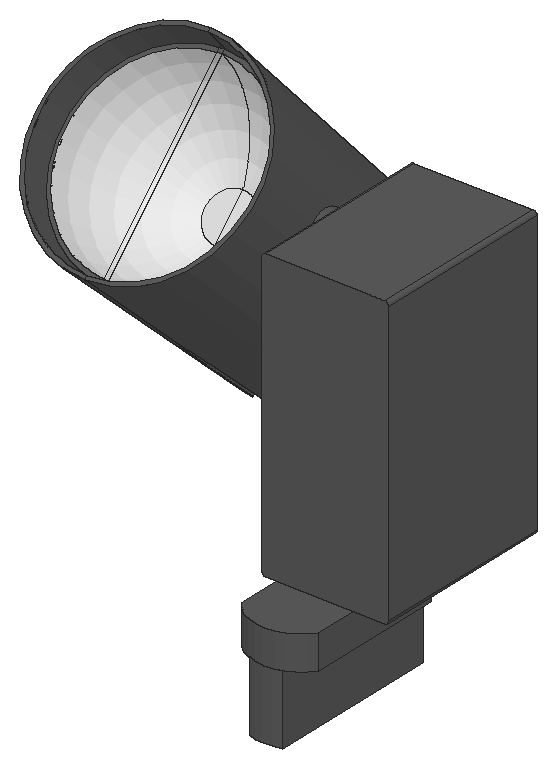
Revit family "0004839 Feilo Sylvania Lighting Fixture START TRACK SPOT S 24W 3K RA80 MB BLACK", category Lighting Fixtures, host Face, Revit 2017
Family settings
  Host = Face
  Round Connector Dimension = Use Diameter
  Part Type = Normal
  OmniClass Number = 23.80.70.00
  OmniClass Title = Lighting
  Cut with Voids When Loaded = No
  Light Source = No
  Shared = No
  Room Calculation Point = No
Parameters (values of type "0004839 START TRACK SPOT S 24W 3K RA80 MB BLACK")
  Weight = "0.966 kg"
  Wattage Comments = ""
  WarrantyStartDate [instance] = "n/a"
  WarrantyGuarantorParts = "n/a"
  WarrantyDurationUnit = "n/a"
  WarrantyDurationParts = "n/a"
  WarrantyDescription = "n/a"
  Voltage = 230 V
  URL = "http://www.sylvania-lighting.com"
  TypeName = "START TRACK SPOT S 24W 3K RA80 MB BLACK"
  TypeHead_FEILO = Start Track Spot Head : 0004839 START TRACK SPOT S 24W 3K RA80 MB BLACK
  TypeBox_FEILO = Start Track Spot Box : Type Small Black
  Type Image = <None>
  Type Comments = "n/a"
  VerticalRotation_FEILO [instance] = 0.00°
  SlideEndAngle_FEILO [instance] = VerticalRotation_FEILO + 180.00°  # 180.00°
  SerialNumber [instance] = "n/a"
  Material_3_FEILO = none
  PowerFactor = 0.95
  PowerConsumption = "24 W"
  NominalLength = 0 mm
  NominalHeight = 200 mm
  NominalDepth = 140 mm
  Name = "START TRACK SPOT S 24W 3K RA80 MB BLACK"
  ModelReference = Name  # "START TRACK SPOT S 24W 3K RA80 MB BLACK"
  ModelNumber = "0004839"
  Model = Name  # "START TRACK SPOT S 24W 3K RA80 MB BLACK"
  Material = "adc12 aluminium housing, polycarbonate diffuser"
  ManufacturerName = "Feilo Sylvania"
  Manufacturer = "Feilo Sylvania"
  LuminousEfficacy = "96 lm/W"
  LuminaireType = ""
  LightOutputRatio = "100"
  LampsType = Lamp  # "LED"
  LampNominalLuminous = "2314 lm"
  LampMacAdamStep = "3"
  LampColourTemperature = "3000 K"
  LampColourRenderingIndex = "80"
  Lamp = "LED"
  Keynote = "16500"
  InstallationDate [instance] = "n/a"
  InputVoltage = "230-240V~"
  InputNominalFrequency = "50/60 Hz"
  IngressProtection = "IP20"
  ImpactProtectionIndex = "IK02"
  IfcExportType = "IfcLightFixtureType"
  IfcExportAs = "IfcLightFixtureType"
  HorizontalRotation_FEILO [instance] = 45.00°
  ExpectedLife = 50000
  ElectricShockClassification = "Class II"
  DurationUnit = "hours"
  DocumentationLiterature = "http://www.sylvania-lighting.com/product/en-int/products/0004839"
  DimmingControlOptions = "Non dimmable"
  Material_2_FEILO = none
  Description = "Integrated LED spotlight, Textured Black - RAL9005, compact and minimalist design, ideal for retail applications, die-cast aluminium body, passive cooling heatsink. Beam angle: 36°, color temperature: 3000K , total system power: 24W, total fixture output: 2314 lm, LOR: 100%, colour rendering: Ra: 80 typical, LED Chromaticity: 3 step MacAdam ellipse, lifetime: >50000 hours at L70B50, energy class: A++, A+, A, IR/UV free light source without heat radiation, operating voltage: 220-240V / 50-60Hz, drive current: 600mA, electronic driver, non-dimmable, power factor: 0.95, electrical protection: Class II, Global Track 3 Phase adapter suitable for Global trac 3-circuit tracks, ingress protection rating: IP20, suitable for internal environment only, horizontal rotation: 355°, vertical tilt: 90°, dimensions: Ø86x140x200, weight: 0.966kg."
  Default Elevation = 1219.2 mm
  CreatedOn = "12/12/2017"
  CreatedBy = ""
  Cost = 0
  built-in parameter 1114216 [instance] = (empty or 0)
  ClassificationValue = "EF_70_80"
  ClassificationName = "Uniclass2015"
  Material_1_FEILO = Body-Sylvania-StartTrackSpot-Black
  BarCode [instance] = "n/a"
  AssetType = "Fixed"
  AssetIdentifier [instance] = "n/a"
  Assembly Code = "D5020200"
  Apparent Load = 24 VA
  Material_4_FEILO = none
Reference planes
  plane 1 "Center (Front/Back)": y = 0
  plane 2: z = 0
  plane 3 "Center (Left/Right)": x = 0
  plane 4: x = 15
  plane 5: x = -15
  plane 6: y = 35
  plane 7: y = -35
  plane 8: z = 13
  plane 9: z = -27
  plane 10: x = 6.5
  plane 11: x = -6.5
  plane 12: y = 27
  plane 13: y = -27
  plane 14: y = 20
Forms (mm)
  Extrusion 1, solid, material "Body-Sylvania-StartTrackSpot-Black" <- "Material_1_FEILO"
    sketch origin (0, 0, 0) x (1, 0, 0) y (0, 1, 0)
      loop
        line (-15, 27) -> (-15, -27)
        arc (-15, -27) -> (0, -35) -> (15, -27) r 18.062
        line (15, -27) -> (15, 27)
        arc (15, 27) -> (0, 35) -> (-15, 27) r 18.062
    from 0 to 13
  Extrusion 2, solid, material "Body-Sylvania-StartTrackSpot-Black" <- "Material_1_FEILO"
    sketch origin (0, 0, 0) x (1, 0, 0) y (0, 1, 0)
      loop
        arc (6.5, 33.79) -> (0, 35) -> (-6.5, 33.79) r 18.062
        line (-6.5, 33.79) -> (-6.5, -33.79)
        arc (-6.5, -33.79) -> (0, -35) -> (6.5, -33.79) r 18.062
        line (6.5, -33.79) -> (6.5, 33.79)
    from 0 to -27
  Revolve 3, solid, not visible
    sketch origin (1524, 20, 1219.2) x (1, 0, 0) y (0, 0, 1)
      loop
        line (-1524, -1206.2) -> (-1524, -1191.285) -> (-1530.5, -1191.285) -> (-1530.5, -1206.2) -> (-1524, -1206.2)
      axis (-1524, -1191.285) -> (-1524, -1206.2)
    angle from 0 <- "VerticalRotation_FEILO" to 180 <- "SlideEndAngle_FEILO"
Cuts and joins
  joined: Extrusion 1, Extrusion 2
Dimensions and locks
  equal spacing: plane 10, plane 3 "Center (Left/Right)", plane 11
  equal spacing: plane 4, plane 3 "Center (Left/Right)", plane 5
  locked: plane 8 to plane 2 at 13
  locked: plane 8 to plane 9 at 40
  equal spacing: plane 13, plane 1 "Center (Front/Back)", plane 12
  locked: plane 12 to plane 6 at 8
  locked: plane 14 to plane 6 at 15
  locked: Revolve 3 sketch curve to plane 8 at 14.915
  aligned and locked: plane 2 to host face
  aligned and locked: level to host face
  aligned and locked: plane 5 to Extrusion 1 sketch curve  (x2)
  aligned and locked: plane 12 to Extrusion 1 sketch curve
  aligned and locked: plane 13 to Extrusion 1 sketch curve
  aligned and locked: plane 4 to Extrusion 1 sketch curve
  aligned and locked: Extrusion 1 to plane 8
  aligned and locked: Extrusion 1 to level
  aligned and locked: Extrusion 2 sketch curve to Extrusion 1  (x2)
  aligned and locked: Extrusion 2 sketch curve to plane 11
  aligned and locked: plane 10 to Extrusion 2 sketch curve
  aligned and locked: plane 9 to Extrusion 2
  aligned and locked: level to Extrusion 2
  aligned and locked: Revolve 3 sketch curve to plane 3 "Center (Left/Right)"  (x2)
  aligned and locked: plane 11 to Revolve 3 sketch curve
  aligned and locked: Revolve 3 sketch curve to plane 8
Automatic sketch dimensions
  host sketch curve to host sketch curve = 2438.4 mm  (x2)
  Extrusion 1 sketch curve to plane 3 "Center (Left/Right)" = 0 mm  (x2)
  Extrusion 1 sketch curve to plane 13 = 10.062 mm
  plane 12 to Extrusion 1 sketch curve = 10.062 mm
  Revolve 3 sketch curve to plane 3 "Center (Left/Right)" = 0 mm
  plane 9 to Revolve 3 sketch curve = 582.6 mm
  Revolve 3 sketch curve to Revolve 3 sketch curve = 2581.144 mm
Nested families
  nested 1: "Start Track Spot Head" at (-62, 20, 112.529) x (0, 0.7071, 0.7071) z (0, 0.7071, -0.7071), type <- "TypeHead_FEILO", type "0004839 START TRACK SPOT S 24W 3K RA80 MB BLACK"
    with built-in parameter 1114216 (empty or 0)
  nested 2: "Start Track Spot Box" at (8.5, 20, 73) x (-1, 0, 0) z (0, -1, 0), BoxStartAngle_FEILO <- "HorizontalRotation_FEILO", type <- "TypeBox_FEILO", type "Type Small Black"
    with BoxStartAngle_FEILO 45.00°, BoxEndAngle_FEILO -135.00°
Connectors
  electrical at (0, 0, 0), driven by "Apparent Load", driven by "PowerFactor", driven by "Voltage"
    settings: index 1, voltage 230 V, apparent load 24 VA, apparent load phase1 0 VA, apparent load phase2 0 VA, apparent load phase3 0 VA, power factor 0.95, load classification "Lighting", number of poles 1, system type 30, power factor state 1, is connector primary yes, connector utility no, sub classification motor no, connector description ""
Definition of nested family "Start Track Spot Head"
  Parameters (values of type "0004811 START TRACK SPOT S 14W 3K RA80 NB WHITE")
    Wattage Comments = "n/a"
    Wattage = 14 W
    built-in parameter 1150110 = 1 (stored number, unit not read)
    URL = "http://www.feilosylvania.com"
    Type Image = (empty or 0)
    Type Comments = "n/a"
    built-in parameter 1114217 = 1 (stored number, unit not read)
    Tilt Angle = -90.00°
    built-in parameter 1150109 = 1 (stored number, unit not read)
    built-in parameter 1150134 = (empty or 0)
    built-in parameter 1150113 = 1 (stored number, unit not read)
    Photometric Web File = "0004811.ies"
    Material_3_FEILO = none
    Model = "START TRACK SPOT S 14W 3K RA80 NB WHITE"
    Manufacturer = "Feilo Sylvania"
    built-in parameter 1150105 = 123.66 (stored number, unit not read)
    Lumens = 1554 lm
    built-in parameter 1150115 = 1 (stored number, unit not read)
    built-in parameter 1150137 = (empty or 0)
    built-in parameter 1150139 = (empty or 0)
    built-in parameter 1150112 = 1 (stored number, unit not read)
    built-in parameter 1150114 = 1 (stored number, unit not read)
    Lamp = "LED"
    Keynote = "16500"
    Material_2_FEILO = none
    built-in parameter 1150132 = (empty or 0)
    built-in parameter 1150102 = (empty or 0)
    built-in parameter 1150107 = 3000 (stored number, unit not read)
    built-in parameter 1150138 = (empty or 0)
    built-in parameter 1150106 = 1.2366 (stored number, unit not read)
    HeadThickness_FEILO = if(HeadDiaOut_FEILO > 112 mm, 2 mm, 1.5 mm)  # 1.5 mm
    HeadRibOffset_FEILO = HeadHeight_FEILO / 28  # 4.179 mm
    HeadRibDepth_FEILO = HeadHeight_FEILO / 2.1  # 55.714 mm
    HeadRibCutWidth_FEILO = HeadDiaOut_FEILO / 12  # 7.167 mm
    HeadRibCutOffset_FEILO = HeadHeight_FEILO / 2.3  # 50.87 mm
    HeadReflectorRadius_FEILO = HeadDiaOut_FEILO / 1.7  # 50.588 mm
    HeadReflectorOffset_FEILO = HeadHeight_FEILO / 2.1  # 55.714 mm
    HeadLEDRadius_FEILO = HeadDiaOut_FEILO / 9  # 9.556 mm
    HeadHeight_FEILO = 117 mm
    HeadDraft_FEILO = 1 mm
    HeadDiffusorThickness_FEILO = 3 mm
    HeadDiffusorOffset_FEILO = HeadHeight_FEILO / 12.4  # 9.435 mm
    HeadDiaOut_FEILO = 86 mm
    HeadDiaIn_FEILO = HeadDiaOut_FEILO / 1.11  # 77.477 mm
    HeadAxisFromTop_FEILO = HeadHeight_FEILO / 1.687  # 69.354 mm
    Emit from Circle Diameter = HeadDiaIn_FEILO  # 77.477 mm
    Emit Shape Visible in Rendering = no
    built-in parameter 1150104 = 10.312 (stored number, unit not read)
    Dimming Lamp Color Temperature Shift = (empty or 0)
    Description = "Integrated LED spotlight, Textured White - RAL9016, compact and minimalist design, ideal for retail applications, die-cast aluminium body, passive cooling heatsink. Beam angle: 12°, color temperature: 3000K , total system power: 14W, total fixture output: 1551 lm, LOR: 100%, colour rendering: Ra: 80 typical, LED Chromaticity: 3 step MacAdam ellipse, lifetime: >50000 hours at L70B50, energy class: A++, A+, A, IR/UV free light source without heat radiation, operating voltage: 220-240V / 50-60Hz, drive current: 350mA, electronic driver, non-dimmable, power factor: 0.92, electrical protection: Class II, Global Track 3 Phase adapter suitable for Global trac 3-circuit tracks, ingress protection rating: IP20, suitable for internal environment only, horizontal rotation: 355°, vertical tilt: 90°, dimensions: Ø86x140x200, weight: 0.940kg."
    Default Elevation = 1219.2 mm
    Cost = 0
    Color Filter = 16777215
    built-in parameter 1114216 [instance] = (empty or 0)
    Material_1_FEILO = none
    built-in parameter 1114218 = 1 (stored number, unit not read)
    built-in parameter 1150133 = 10 (stored number, unit not read)
    Assembly Code = "D5020200"
    Apparent Load = 14 VA
    Material_4_FEILO = none
  Types (96, lengths in mm): name | Wattage | built-in parameter 1150134 | Photometric Web File | Model | built-in parameter 1150105 | Lumens | built-in parameter 1150107 | built-in parameter 1150106 | HeadThickness_FEILO | HeadRibOffset_FEILO | HeadRibDepth_FEILO | HeadRibCutWidth_FEILO | HeadRibCutOffset_FEILO | HeadReflectorRadius_FEILO | HeadReflectorOffset_FEILO | HeadLEDRadius_FEILO | HeadHeight_FEILO | HeadDiffusorOffset_FEILO | HeadDiaOut_FEILO | HeadDiaIn_FEILO | HeadAxisFromTop_FEILO | Emit from Circle Diameter | built-in parameter 1150104 | Description | Apparent Load
    0004906 START TRACK SPOT L 55W 4K RA90 WB BLACK | 55 W | 12 | "0004906.ies" | "START TRACK SPOT L 55W 4K RA90 WB BLACK" | 385.15 (stored number, unit not read) | 4840 lm | 4000 (stored number, unit not read) | 3.8515 (stored number, unit not read) | 2 | 4.429 | 59.048 | 9.417 | 53.913 | 66.471 | 59.048 | 12.556 | 124 | 10 | 113 | 101.802 | 73.503 | 101.802 | 8.1755 (stored number, unit not read) | "Integrated LED spotlight, Textured Black - RAL9005, compact and minimalist design, ideal for retail applications, die-cast aluminium body, passive cooling heatsink. Beam angle: 52°, color temperature: 4000K , total system power: 55W, total fixture output: 4824 lm, LOR: 100%, colour rendering: Ra: 90 typical, LED Chromaticity: 3 step MacAdam ellipse, lifetime: >50000 hours at L70B50, energy class: A++, A+, A, IR/UV free light source without heat radiation, operating voltage: 220-240V / 50-60Hz, drive current: 1400mA, electronic driver, non-dimmable, power factor: 0.96, electrical protection: Class II, Global Track 3 Phase adapter suitable for Global trac 3-circuit tracks, ingress protection rating: IP20, suitable for internal environment only, horizontal rotation: 355°, vertical tilt: 90°, dimensions: Ø113x164x240, weight: 1.398kg." | 55 VA
    0004905 START TRACK SPOT L 55W 4K RA90 MB BLACK | 55 W | 12 | "0004905.ies" | "START TRACK SPOT L 55W 4K RA90 MB BLACK" | 389.53 (stored number, unit not read) | 4895 lm | 4000 (stored number, unit not read) | 3.8953 (stored number, unit not read) | 2 | 4.429 | 59.048 | 9.417 | 53.913 | 66.471 | 59.048 | 12.556 | 124 | 10 | 113 | 101.802 | 73.503 | 101.802 | 8.2684 (stored number, unit not read) | "Integrated LED spotlight, Textured Black - RAL9005, compact and minimalist design, ideal for retail applications, die-cast aluminium body, passive cooling heatsink. Beam angle: 38°, color temperature: 4000K , total system power: 55W, total fixture output: 4897 lm, LOR: 100%, colour rendering: Ra: 90 typical, LED Chromaticity: 3 step MacAdam ellipse, lifetime: >50000 hours at L70B50, energy class: A++, A+, A, IR/UV free light source without heat radiation, operating voltage: 220-240V / 50-60Hz, drive current: 1400mA, electronic driver, non-dimmable, power factor: 0.96, electrical protection: Class II, Global Track 3 Phase adapter suitable for Global trac 3-circuit tracks, ingress protection rating: IP20, suitable for internal environment only, horizontal rotation: 355°, vertical tilt: 90°, dimensions: Ø113x164x240, weight: 1.398kg." | 55 VA
    0004904 START TRACK SPOT L 55W 4K RA90 NB BLACK | 55 W | 12 | "0004904.ies" | "START TRACK SPOT L 55W 4K RA90 NB BLACK" | 393.91 (stored number, unit not read) | 4950 lm | 4000 (stored number, unit not read) | 3.9391 (stored number, unit not read) | 2 | 4.429 | 59.048 | 9.417 | 53.913 | 66.471 | 59.048 | 12.556 | 124 | 10 | 113 | 101.802 | 73.503 | 101.802 | 8.3613 (stored number, unit not read) | "Integrated LED spotlight, Textured Black - RAL9005, compact and minimalist design, ideal for retail applications, die-cast aluminium body, passive cooling heatsink. Beam angle: 15°, color temperature: 4000K , total system power: 55W, total fixture output: 4965 lm, LOR: 100%, colour rendering: Ra: 90 typical, LED Chromaticity: 3 step MacAdam ellipse, lifetime: >50000 hours at L70B50, energy class: A++, A+, A, IR/UV free light source without heat radiation, operating voltage: 220-240V / 50-60Hz, drive current: 1400mA, electronic driver, non-dimmable, power factor: 0.96, electrical protection: Class II, Global Track 3 Phase adapter suitable for Global trac 3-circuit tracks, ingress protection rating: IP20, suitable for internal environment only, horizontal rotation: 355°, vertical tilt: 90°, dimensions: Ø113x164x240, weight: 1.398kg." | 55 VA
    0004903 START TRACK SPOT L 35W 4K RA90 WB BLACK | 35 W | 12 | "0004903.ies" | "START TRACK SPOT L 35W 4K RA90 WB BLACK" | 284.09 (stored number, unit not read) | 3570 lm | 4000 (stored number, unit not read) | 2.8409 (stored number, unit not read) | 2 | 4.429 | 59.048 | 9.417 | 53.913 | 66.471 | 59.048 | 12.556 | 124 | 10 | 113 | 101.802 | 73.503 | 101.802 | 9.4761 (stored number, unit not read) | "Integrated LED spotlight, Textured Black - RAL9005, compact and minimalist design, ideal for retail applications, die-cast aluminium body, passive cooling heatsink. Beam angle: 52°, color temperature: 4000K , total system power: 35W, total fixture output: 3562 lm, LOR: 100%, colour rendering: Ra: 90 typical, LED Chromaticity: 3 step MacAdam ellipse, lifetime: >50000 hours at L70B50, energy class: A++, A+, A, IR/UV free light source without heat radiation, operating voltage: 220-240V / 50-60Hz, drive current: 900mA, electronic driver, non-dimmable, power factor: 0.93, electrical protection: Class II, Global Track 3 Phase adapter suitable for Global trac 3-circuit tracks, ingress protection rating: IP20, suitable for internal environment only, horizontal rotation: 355°, vertical tilt: 90°, dimensions: Ø113x164x240, weight: 1.368kg." | 35 VA
    0004902 START TRACK SPOT L 35W 4K RA90 MB BLACK | 35 W | 12 | "0004902.ies" | "START TRACK SPOT L 35W 4K RA90 MB BLACK" | 286.88 (stored number, unit not read) | 3605 lm | 4000 (stored number, unit not read) | 2.8688 (stored number, unit not read) | 2 | 4.429 | 59.048 | 9.417 | 53.913 | 66.471 | 59.048 | 12.556 | 124 | 10 | 113 | 101.802 | 73.503 | 101.802 | 9.569 (stored number, unit not read) | "Integrated LED spotlight, Textured Black - RAL9005, compact and minimalist design, ideal for retail applications, die-cast aluminium body, passive cooling heatsink. Beam angle: 38°, color temperature: 4000K , total system power: 35W, total fixture output: 3616 lm, LOR: 100%, colour rendering: Ra: 90 typical, LED Chromaticity: 3 step MacAdam ellipse, lifetime: >50000 hours at L70B50, energy class: A++, A+, A, IR/UV free light source without heat radiation, operating voltage: 220-240V / 50-60Hz, drive current: 900mA, electronic driver, non-dimmable, power factor: 0.93, electrical protection: Class II, Global Track 3 Phase adapter suitable for Global trac 3-circuit tracks, ingress protection rating: IP20, suitable for internal environment only, horizontal rotation: 355°, vertical tilt: 90°, dimensions: Ø113x164x240, weight: 1.368kg." | 35 VA
    0004901 START TRACK SPOT L 35W 4K RA90 NB BLACK | 35 W | 12 | "0004901.ies" | "START TRACK SPOT L 35W 4K RA90 NB BLACK" | 286.88 (stored number, unit not read) | 3605 lm | 4000 (stored number, unit not read) | 2.8688 (stored number, unit not read) | 2 | 4.429 | 59.048 | 9.417 | 53.913 | 66.471 | 59.048 | 12.556 | 124 | 10 | 113 | 101.802 | 73.503 | 101.802 | 9.569 (stored number, unit not read) | "Integrated LED spotlight, Textured Black - RAL9005, compact and minimalist design, ideal for retail applications, die-cast aluminium body, passive cooling heatsink. Beam angle: 15°, color temperature: 4000K , total system power: 35W, total fixture output: 3593 lm, LOR: 100%, colour rendering: Ra: 90 typical, LED Chromaticity: 3 step MacAdam ellipse, lifetime: >50000 hours at L70B50, energy class: A++, A+, A, IR/UV free light source without heat radiation, operating voltage: 220-240V / 50-60Hz, drive current: 900mA, electronic driver, non-dimmable, power factor: 0.93, electrical protection: Class II, Global Track 3 Phase adapter suitable for Global trac 3-circuit tracks, ingress protection rating: IP20, suitable for internal environment only, horizontal rotation: 355°, vertical tilt: 90°, dimensions: Ø113x164x240, weight: 1.368kg." | 35 VA
    0004900 START TRACK SPOT S 24W 4K RA90 WB BLACK | 24 W | 12 | "0004900.ies" | "START TRACK SPOT S 24W 4K RA90 WB BLACK" | 166.16 (stored number, unit not read) | 2088 lm | 4000 (stored number, unit not read) | 1.6616 (stored number, unit not read) | 1.5 | 4.179 | 55.714 | 7.167 | 50.87 | 50.588 | 55.714 | 9.556 | 117 | 9.435 | 86 | 77.477 | 69.354 | 77.477 | 8.0826 (stored number, unit not read) | "Integrated LED spotlight, Textured Black - RAL9005, compact and minimalist design, ideal for retail applications, die-cast aluminium body, passive cooling heatsink. Beam angle: 64°, color temperature: 4000K , total system power: 24W, total fixture output: 2087 lm, LOR: 100%, colour rendering: Ra: 90 typical, LED Chromaticity: 3 step MacAdam ellipse, lifetime: >50000 hours at L70B50, energy class: A++, A+, A, IR/UV free light source without heat radiation, operating voltage: 220-240V / 50-60Hz, drive current: 600mA, electronic driver, non-dimmable, power factor: 0.95, electrical protection: Class II, Global Track 3 Phase adapter suitable for Global trac 3-circuit tracks, ingress protection rating: IP20, suitable for internal environment only, horizontal rotation: 355°, vertical tilt: 90°, dimensions: Ø86x140x200, weight: 0.966kg." | 24 VA
    0004899 START TRACK SPOT S 24W 4K RA90 MB BLACK | 24 W | 12 | "0004899.ies" | "START TRACK SPOT S 24W 4K RA90 MB BLACK" | 169.98 (stored number, unit not read) | 2136 lm | 4000 (stored number, unit not read) | 1.6998 (stored number, unit not read) | 1.5 | 4.179 | 55.714 | 7.167 | 50.87 | 50.588 | 55.714 | 9.556 | 117 | 9.435 | 86 | 77.477 | 69.354 | 77.477 | 8.2684 (stored number, unit not read) | "Integrated LED spotlight, Textured Black - RAL9005, compact and minimalist design, ideal for retail applications, die-cast aluminium body, passive cooling heatsink. Beam angle: 36°, color temperature: 4000K , total system power: 24W, total fixture output: 2141 lm, LOR: 100%, colour rendering: Ra: 90 typical, LED Chromaticity: 3 step MacAdam ellipse, lifetime: >50000 hours at L70B50, energy class: A++, A+, A, IR/UV free light source without heat radiation, operating voltage: 220-240V / 50-60Hz, drive current: 600mA, electronic driver, non-dimmable, power factor: 0.95, electrical protection: Class II, Global Track 3 Phase adapter suitable for Global trac 3-circuit tracks, ingress protection rating: IP20, suitable for internal environment only, horizontal rotation: 355°, vertical tilt: 90°, dimensions: Ø86x140x200, weight: 0.966kg." | 24 VA
    0004898 START TRACK SPOT S 24W 4K RA90 NB BLACK | 24 W | 12 | "0004898.ies" | "START TRACK SPOT S 24W 4K RA90 NB BLACK" | 171.89 (stored number, unit not read) | 2160 lm | 4000 (stored number, unit not read) | 1.7189 (stored number, unit not read) | 1.5 | 4.179 | 55.714 | 7.167 | 50.87 | 50.588 | 55.714 | 9.556 | 117 | 9.435 | 86 | 77.477 | 69.354 | 77.477 | 8.3613 (stored number, unit not read) | "Integrated LED spotlight, Textured Black - RAL9005, compact and minimalist design, ideal for retail applications, die-cast aluminium body, passive cooling heatsink. Beam angle: 12°, color temperature: 4000K , total system power: 24W, total fixture output: 2155 lm, LOR: 100%, colour rendering: Ra: 90 typical, LED Chromaticity: 3 step MacAdam ellipse, lifetime: >50000 hours at L70B50, energy class: A++, A+, A, IR/UV free light source without heat radiation, operating voltage: 220-240V / 50-60Hz, drive current: 600mA, electronic driver, non-dimmable, power factor: 0.95, electrical protection: Class II, Global Track 3 Phase adapter suitable for Global trac 3-circuit tracks, ingress protection rating: IP20, suitable for internal environment only, horizontal rotation: 355°, vertical tilt: 90°, dimensions: Ø86x140x200, weight: 0.966kg." | 24 VA
    0004897 START TRACK SPOT S 14W 4K RA90 WB BLACK | 14 W | 12 | "0004897.ies" | "START TRACK SPOT S 14W 4K RA90 WB BLACK" | 108.07 (stored number, unit not read) | 1358 lm | 4000 (stored number, unit not read) | 1.0807 (stored number, unit not read) | 1.5 | 4.179 | 55.714 | 7.167 | 50.87 | 50.588 | 55.714 | 9.556 | 117 | 9.435 | 86 | 77.477 | 69.354 | 77.477 | 9.0116 (stored number, unit not read) | "Integrated LED spotlight, Textured Black - RAL9005, compact and minimalist design, ideal for retail applications, die-cast aluminium body, passive cooling heatsink. Beam angle: 64°, color temperature: 4000K , total system power: 14W, total fixture output: 1352 lm, LOR: 100%, colour rendering: Ra: 90 typical, LED Chromaticity: 3 step MacAdam ellipse, lifetime: >50000 hours at L70B50, energy class: A++, A+, A, IR/UV free light source without heat radiation, operating voltage: 220-240V / 50-60Hz, drive current: 350mA, electronic driver, non-dimmable, power factor: 0.92, electrical protection: Class II, Global Track 3 Phase adapter suitable for Global trac 3-circuit tracks, ingress protection rating: IP20, suitable for internal environment only, horizontal rotation: 355°, vertical tilt: 90°, dimensions: Ø86x140x200, weight: 0.940kg." | 14 VA
    0004896 START TRACK SPOT S 14W 4K RA90 MB BLACK | 14 W | 12 | "0004896.ies" | "START TRACK SPOT S 14W 4K RA90 MB BLACK" | 108.07 (stored number, unit not read) | 1358 lm | 4000 (stored number, unit not read) | 1.0807 (stored number, unit not read) | 1.5 | 4.179 | 55.714 | 7.167 | 50.87 | 50.588 | 55.714 | 9.556 | 117 | 9.435 | 86 | 77.477 | 69.354 | 77.477 | 9.0116 (stored number, unit not read) | "Integrated LED spotlight, Textured Black - RAL9005, compact and minimalist design, ideal for retail applications, die-cast aluminium body, passive cooling heatsink. Beam angle: 36°, color temperature: 4000K , total system power: 14W, total fixture output: 1359 lm, LOR: 100%, colour rendering: Ra: 90 typical, LED Chromaticity: 3 step MacAdam ellipse, lifetime: >50000 hours at L70B50, energy class: A++, A+, A, IR/UV free light source without heat radiation, operating voltage: 220-240V / 50-60Hz, drive current: 350mA, electronic driver, non-dimmable, power factor: 0.92, electrical protection: Class II, Global Track 3 Phase adapter suitable for Global trac 3-circuit tracks, ingress protection rating: IP20, suitable for internal environment only, horizontal rotation: 355°, vertical tilt: 90°, dimensions: Ø86x140x200, weight: 0.940kg." | 14 VA
    0004895 START TRACK SPOT S 14W 4K RA90 NB BLACK | 14 W | 12 | "0004895.ies" | "START TRACK SPOT S 14W 4K RA90 NB BLACK" | 106.95 (stored number, unit not read) | 1344 lm | 4000 (stored number, unit not read) | 1.0695 (stored number, unit not read) | 1.5 | 4.179 | 55.714 | 7.167 | 50.87 | 50.588 | 55.714 | 9.556 | 117 | 9.435 | 86 | 77.477 | 69.354 | 77.477 | 8.9187 (stored number, unit not read) | "Integrated LED spotlight, Textured Black - RAL9005, compact and minimalist design, ideal for retail applications, die-cast aluminium body, passive cooling heatsink. Beam angle: 12°, color temperature: 4000K , total system power: 14W, total fixture output: 1349 lm, LOR: 100%, colour rendering: Ra: 90 typical, LED Chromaticity: 3 step MacAdam ellipse, lifetime: >50000 hours at L70B50, energy class: A++, A+, A, IR/UV free light source without heat radiation, operating voltage: 220-240V / 50-60Hz, drive current: 350mA, electronic driver, non-dimmable, power factor: 0.92, electrical protection: Class II, Global Track 3 Phase adapter suitable for Global trac 3-circuit tracks, ingress protection rating: IP20, suitable for internal environment only, horizontal rotation: 355°, vertical tilt: 90°, dimensions: Ø86x140x200, weight: 0.940kg." | 14 VA
    0004894 START TRACK SPOT L 55W 3K RA90 WB BLACK | 55 W | (empty or 0) | "0004894.ies" | "START TRACK SPOT L 55W 3K RA90 WB BLACK" | 350.14 (stored number, unit not read) | 4400 lm | 3000 (stored number, unit not read) | 3.5014 (stored number, unit not read) | 2 | 4.429 | 59.048 | 9.417 | 53.913 | 66.471 | 59.048 | 12.556 | 124 | 10 | 113 | 101.802 | 73.503 | 101.802 | 7.4322 (stored number, unit not read) | "Integrated LED spotlight, Textured Black - RAL9005, compact and minimalist design, ideal for retail applications, die-cast aluminium body, passive cooling heatsink. Beam angle: 52°, color temperature: 3000K , total system power: 55W, total fixture output: 4405 lm, LOR: 100%, colour rendering: Ra: 90 typical, LED Chromaticity: 3 step MacAdam ellipse, lifetime: >50000 hours at L70B50, energy class: A++, A+, A, IR/UV free light source without heat radiation, operating voltage: 220-240V / 50-60Hz, drive current: 1400mA, electronic driver, non-dimmable, power factor: 0.96, electrical protection: Class II, Global Track 3 Phase adapter suitable for Global trac 3-circuit tracks, ingress protection rating: IP20, suitable for internal environment only, horizontal rotation: 355°, vertical tilt: 90°, dimensions: Ø113x164x240, weight: 1.398kg." | 55 VA
    0004893 START TRACK SPOT L 55W 3K RA90 MB BLACK | 55 W | (empty or 0) | "0004893.ies" | "START TRACK SPOT L 55W 3K RA90 MB BLACK" | 354.52 (stored number, unit not read) | 4455 lm | 3000 (stored number, unit not read) | 3.5452 (stored number, unit not read) | 2 | 4.429 | 59.048 | 9.417 | 53.913 | 66.471 | 59.048 | 12.556 | 124 | 10 | 113 | 101.802 | 73.503 | 101.802 | 7.5251 (stored number, unit not read) | "Integrated LED spotlight, Textured Black - RAL9005, compact and minimalist design, ideal for retail applications, die-cast aluminium body, passive cooling heatsink. Beam angle: 38°, color temperature: 3000K , total system power: 55W, total fixture output: 4448 lm, LOR: 100%, colour rendering: Ra: 90 typical, LED Chromaticity: 3 step MacAdam ellipse, lifetime: >50000 hours at L70B50, energy class: A++, A+, A, IR/UV free light source without heat radiation, operating voltage: 220-240V / 50-60Hz, drive current: 1400mA, electronic driver, non-dimmable, power factor: 0.96, electrical protection: Class II, Global Track 3 Phase adapter suitable for Global trac 3-circuit tracks, ingress protection rating: IP20, suitable for internal environment only, horizontal rotation: 355°, vertical tilt: 90°, dimensions: Ø113x164x240, weight: 1.398kg." | 55 VA
    0004892 START TRACK SPOT L 55W 3K RA90 NB BLACK | 55 W | (empty or 0) | "0004892.ies" | "START TRACK SPOT L 55W 3K RA90 NB BLACK" | 350.14 (stored number, unit not read) | 4400 lm | 3000 (stored number, unit not read) | 3.5014 (stored number, unit not read) | 2 | 4.429 | 59.048 | 9.417 | 53.913 | 66.471 | 59.048 | 12.556 | 124 | 10 | 113 | 101.802 | 73.503 | 101.802 | 7.4322 (stored number, unit not read) | "Integrated LED spotlight, Textured Black - RAL9005, compact and minimalist design, ideal for retail applications, die-cast aluminium body, passive cooling heatsink. Beam angle: 15°, color temperature: 3000K , total system power: 55W, total fixture output: 4416 lm, LOR: 100%, colour rendering: Ra: 90 typical, LED Chromaticity: 3 step MacAdam ellipse, lifetime: >50000 hours at L70B50, energy class: A++, A+, A, IR/UV free light source without heat radiation, operating voltage: 220-240V / 50-60Hz, drive current: 1400mA, electronic driver, non-dimmable, power factor: 0.96, electrical protection: Class II, Global Track 3 Phase adapter suitable for Global trac 3-circuit tracks, ingress protection rating: IP20, suitable for internal environment only, horizontal rotation: 355°, vertical tilt: 90°, dimensions: Ø113x164x240, weight: 1.398kg." | 55 VA
    0004891 START TRACK SPOT L 35W 3K RA90 WB BLACK | 35 W | (empty or 0) | "0004891.ies" | "START TRACK SPOT L 35W 3K RA90 WB BLACK" | 259.02 (stored number, unit not read) | 3255 lm | 3000 (stored number, unit not read) | 2.5902 (stored number, unit not read) | 2 | 4.429 | 59.048 | 9.417 | 53.913 | 66.471 | 59.048 | 12.556 | 124 | 10 | 113 | 101.802 | 73.503 | 101.802 | 8.64 (stored number, unit not read) | "Integrated LED spotlight, Textured Black - RAL9005, compact and minimalist design, ideal for retail applications, die-cast aluminium body, passive cooling heatsink. Beam angle: 52°, color temperature: 3000K , total system power: 35W, total fixture output: 3260 lm, LOR: 100%, colour rendering: Ra: 90 typical, LED Chromaticity: 3 step MacAdam ellipse, lifetime: >50000 hours at L70B50, energy class: A++, A+, A, IR/UV free light source without heat radiation, operating voltage: 220-240V / 50-60Hz, drive current: 900mA, electronic driver, non-dimmable, power factor: 0.93, electrical protection: Class II, Global Track 3 Phase adapter suitable for Global trac 3-circuit tracks, ingress protection rating: IP20, suitable for internal environment only, horizontal rotation: 355°, vertical tilt: 90°, dimensions: Ø113x164x240, weight: 1.368kg." | 35 VA
    0004890 START TRACK SPOT L 35W 3K RA90 MB BLACK | 35 W | (empty or 0) | "0004890.ies" | "START TRACK SPOT L 35W 3K RA90 MB BLACK" | 261.81 (stored number, unit not read) | 3290 lm | 3000 (stored number, unit not read) | 2.6181 (stored number, unit not read) | 2 | 4.429 | 59.048 | 9.417 | 53.913 | 66.471 | 59.048 | 12.556 | 124 | 10 | 113 | 101.802 | 73.503 | 101.802 | 8.7329 (stored number, unit not read) | "Integrated LED spotlight, Textured Black - RAL9005, compact and minimalist design, ideal for retail applications, die-cast aluminium body, passive cooling heatsink. Beam angle: 38°, color temperature: 3000K , total system power: 35W, total fixture output: 3306 lm, LOR: 100%, colour rendering: Ra: 90 typical, LED Chromaticity: 3 step MacAdam ellipse, lifetime: >50000 hours at L70B50, energy class: A++, A+, A, IR/UV free light source without heat radiation, operating voltage: 220-240V / 50-60Hz, drive current: 900mA, electronic driver, non-dimmable, power factor: 0.93, electrical protection: Class II, Global Track 3 Phase adapter suitable for Global trac 3-circuit tracks, ingress protection rating: IP20, suitable for internal environment only, horizontal rotation: 355°, vertical tilt: 90°, dimensions: Ø113x164x240, weight: 1.368kg." | 35 VA
    0004889 START TRACK SPOT L 35W 3K RA90 NB BLACK | 35 W | (empty or 0) | "0004889.ies" | "START TRACK SPOT L 35W 3K RA90 NB BLACK" | 261.81 (stored number, unit not read) | 3290 lm | 3000 (stored number, unit not read) | 2.6181 (stored number, unit not read) | 2 | 4.429 | 59.048 | 9.417 | 53.913 | 66.471 | 59.048 | 12.556 | 124 | 10 | 113 | 101.802 | 73.503 | 101.802 | 8.7329 (stored number, unit not read) | "Integrated LED spotlight, Textured Black - RAL9005, compact and minimalist design, ideal for retail applications, die-cast aluminium body, passive cooling heatsink. Beam angle: 15°, color temperature: 3000K , total system power: 35W, total fixture output: 3287 lm, LOR: 100%, colour rendering: Ra: 90 typical, LED Chromaticity: 3 step MacAdam ellipse, lifetime: >50000 hours at L70B50, energy class: A++, A+, A, IR/UV free light source without heat radiation, operating voltage: 220-240V / 50-60Hz, drive current: 900mA, electronic driver, non-dimmable, power factor: 0.93, electrical protection: Class II, Global Track 3 Phase adapter suitable for Global trac 3-circuit tracks, ingress protection rating: IP20, suitable for internal environment only, horizontal rotation: 355°, vertical tilt: 90°, dimensions: Ø113x164x240, weight: 1.368kg." | 35 VA
    0004888 START TRACK SPOT S 24W 3K RA90 WB BLACK | 24 W | (empty or 0) | "0004888.ies" | "START TRACK SPOT S 24W 3K RA90 WB BLACK" | 152.79 (stored number, unit not read) | 1920 lm | 3000 (stored number, unit not read) | 1.5279 (stored number, unit not read) | 1.5 | 4.179 | 55.714 | 7.167 | 50.87 | 50.588 | 55.714 | 9.556 | 117 | 9.435 | 86 | 77.477 | 69.354 | 77.477 | 7.4322 (stored number, unit not read) | "Integrated LED spotlight, Textured Black - RAL9005, compact and minimalist design, ideal for retail applications, die-cast aluminium body, passive cooling heatsink. Beam angle: 64°, color temperature: 3000K , total system power: 24W, total fixture output: 1928 lm, LOR: 100%, colour rendering: Ra: 90 typical, LED Chromaticity: 3 step MacAdam ellipse, lifetime: >50000 hours at L70B50, energy class: A++, A+, A, IR/UV free light source without heat radiation, operating voltage: 220-240V / 50-60Hz, drive current: 600mA, electronic driver, non-dimmable, power factor: 0.95, electrical protection: Class II, Global Track 3 Phase adapter suitable for Global trac 3-circuit tracks, ingress protection rating: IP20, suitable for internal environment only, horizontal rotation: 355°, vertical tilt: 90°, dimensions: Ø86x140x200, weight: 0.966kg." | 24 VA
    0004887 START TRACK SPOT S 24W 3K RA90 MB BLACK | 24 W | (empty or 0) | "0004887.ies" | "START TRACK SPOT S 24W 3K RA90 MB BLACK" | 154.7 (stored number, unit not read) | 1944 lm | 3000 (stored number, unit not read) | 1.547 (stored number, unit not read) | 1.5 | 4.179 | 55.714 | 7.167 | 50.87 | 50.588 | 55.714 | 9.556 | 117 | 9.435 | 86 | 77.477 | 69.354 | 77.477 | 7.5251 (stored number, unit not read) | "Integrated LED spotlight, Textured Black - RAL9005, compact and minimalist design, ideal for retail applications, die-cast aluminium body, passive cooling heatsink. Beam angle: 36°, color temperature: 3000K , total system power: 24W, total fixture output: 1944 lm, LOR: 100%, colour rendering: Ra: 90 typical, LED Chromaticity: 3 step MacAdam ellipse, lifetime: >50000 hours at L70B50, energy class: A++, A+, A, IR/UV free light source without heat radiation, operating voltage: 220-240V / 50-60Hz, drive current: 600mA, electronic driver, non-dimmable, power factor: 0.95, electrical protection: Class II, Global Track 3 Phase adapter suitable for Global trac 3-circuit tracks, ingress protection rating: IP20, suitable for internal environment only, horizontal rotation: 355°, vertical tilt: 90°, dimensions: Ø86x140x200, weight: 0.966kg." | 24 VA
    0004886 START TRACK SPOT S 24W 3K RA90 NB BLACK | 24 W | (empty or 0) | "0004886.ies" | "START TRACK SPOT S 24W 3K RA90 NB BLACK" | 158.52 (stored number, unit not read) | 1992 lm | 3000 (stored number, unit not read) | 1.5852 (stored number, unit not read) | 1.5 | 4.179 | 55.714 | 7.167 | 50.87 | 50.588 | 55.714 | 9.556 | 117 | 9.435 | 86 | 77.477 | 69.354 | 77.477 | 7.711 (stored number, unit not read) | "Integrated LED spotlight, Textured Black - RAL9005, compact and minimalist design, ideal for retail applications, die-cast aluminium body, passive cooling heatsink. Beam angle: 12°, color temperature: 3000K , total system power: 24W, total fixture output: 1987 lm, LOR: 100%, colour rendering: Ra: 90 typical, LED Chromaticity: 3 step MacAdam ellipse, lifetime: >50000 hours at L70B50, energy class: A++, A+, A, IR/UV free light source without heat radiation, operating voltage: 220-240V / 50-60Hz, drive current: 600mA, electronic driver, non-dimmable, power factor: 0.95, electrical protection: Class II, Global Track 3 Phase adapter suitable for Global trac 3-circuit tracks, ingress protection rating: IP20, suitable for internal environment only, horizontal rotation: 355°, vertical tilt: 90°, dimensions: Ø86x140x200, weight: 0.966kg." | 24 VA
    0004885 START TRACK SPOT S 14W 3K RA90 WB BLACK | 14 W | (empty or 0) | "0004885.ies" | "START TRACK SPOT S 14W 3K RA90 WB BLACK" | 100.27 (stored number, unit not read) | 1260 lm | 3000 (stored number, unit not read) | 1.0027 (stored number, unit not read) | 1.5 | 4.179 | 55.714 | 7.167 | 50.87 | 50.588 | 55.714 | 9.556 | 117 | 9.435 | 86 | 77.477 | 69.354 | 77.477 | 8.3613 (stored number, unit not read) | "Integrated LED spotlight, Textured Black - RAL9005, compact and minimalist design, ideal for retail applications, die-cast aluminium body, passive cooling heatsink. Beam angle: 64°, color temperature: 3000K , total system power: 14W, total fixture output: 1262 lm, LOR: 100%, colour rendering: Ra: 90 typical, LED Chromaticity: 3 step MacAdam ellipse, lifetime: >50000 hours at L70B50, energy class: A++, A+, A, IR/UV free light source without heat radiation, operating voltage: 220-240V / 50-60Hz, drive current: 350mA, electronic driver, non-dimmable, power factor: 0.92, electrical protection: Class II, Global Track 3 Phase adapter suitable for Global trac 3-circuit tracks, ingress protection rating: IP20, suitable for internal environment only, horizontal rotation: 355°, vertical tilt: 90°, dimensions: Ø86x140x200, weight: 0.940kg." | 14 VA
    0004884 START TRACK SPOT S 14W 3K RA90 MB BLACK | 14 W | (empty or 0) | "0004884.ies" | "START TRACK SPOT S 14W 3K RA90 MB BLACK" | 100.27 (stored number, unit not read) | 1260 lm | 3000 (stored number, unit not read) | 1.0027 (stored number, unit not read) | 1.5 | 4.179 | 55.714 | 7.167 | 50.87 | 50.588 | 55.714 | 9.556 | 117 | 9.435 | 86 | 77.477 | 69.354 | 77.477 | 8.3613 (stored number, unit not read) | "Integrated LED spotlight, Textured Black - RAL9005, compact and minimalist design, ideal for retail applications, die-cast aluminium body, passive cooling heatsink. Beam angle: 36°, color temperature: 3000K , total system power: 14W, total fixture output: 1262 lm, LOR: 100%, colour rendering: Ra: 90 typical, LED Chromaticity: 3 step MacAdam ellipse, lifetime: >50000 hours at L70B50, energy class: A++, A+, A, IR/UV free light source without heat radiation, operating voltage: 220-240V / 50-60Hz, drive current: 350mA, electronic driver, non-dimmable, power factor: 0.92, electrical protection: Class II, Global Track 3 Phase adapter suitable for Global trac 3-circuit tracks, ingress protection rating: IP20, suitable for internal environment only, horizontal rotation: 355°, vertical tilt: 90°, dimensions: Ø86x140x200, weight: 0.940kg." | 14 VA
    0004883 START TRACK SPOT S 14W 3K RA90 NB BLACK | 14 W | (empty or 0) | "0004883.ies" | "START TRACK SPOT S 14W 3K RA90 NB BLACK" | 102.5 (stored number, unit not read) | 1288 lm | 3000 (stored number, unit not read) | 1.025 (stored number, unit not read) | 1.5 | 4.179 | 55.714 | 7.167 | 50.87 | 50.588 | 55.714 | 9.556 | 117 | 9.435 | 86 | 77.477 | 69.354 | 77.477 | 8.5471 (stored number, unit not read) | "Integrated LED spotlight, Textured Black - RAL9005, compact and minimalist design, ideal for retail applications, die-cast aluminium body, passive cooling heatsink. Beam angle: 12°, color temperature: 3000K , total system power: 14W, total fixture output: 1284 lm, LOR: 100%, colour rendering: Ra: 90 typical, LED Chromaticity: 3 step MacAdam ellipse, lifetime: >50000 hours at L70B50, energy class: A++, A+, A, IR/UV free light source without heat radiation, operating voltage: 220-240V / 50-60Hz, drive current: 350mA, electronic driver, non-dimmable, power factor: 0.92, electrical protection: Class II, Global Track 3 Phase adapter suitable for Global trac 3-circuit tracks, ingress protection rating: IP20, suitable for internal environment only, horizontal rotation: 355°, vertical tilt: 90°, dimensions: Ø86x140x200, weight: 0.940kg." | 14 VA
    0004882 START TRACK SPOT L 55W 4K RA90 WB WHITE | 55 W | 12 | "0004882.ies" | "START TRACK SPOT L 55W 4K RA90 WB WHITE" | 385.15 (stored number, unit not read) | 4840 lm | 4000 (stored number, unit not read) | 3.8515 (stored number, unit not read) | 2 | 4.429 | 59.048 | 9.417 | 53.913 | 66.471 | 59.048 | 12.556 | 124 | 10 | 113 | 101.802 | 73.503 | 101.802 | 8.1755 (stored number, unit not read) | "Integrated LED spotlight, Textured White - RAL9016, compact and minimalist design, ideal for retail applications, die-cast aluminium body, passive cooling heatsink. Beam angle: 52°, color temperature: 4000K , total system power: 55W, total fixture output: 4824 lm, LOR: 100%, colour rendering: Ra: 90 typical, LED Chromaticity: 3 step MacAdam ellipse, lifetime: >50000 hours at L70B50, energy class: A++, A+, A, IR/UV free light source without heat radiation, operating voltage: 220-240V / 50-60Hz, drive current: 1400mA, electronic driver, non-dimmable, power factor: 0.96, electrical protection: Class II, Global Track 3 Phase adapter suitable for Global trac 3-circuit tracks, ingress protection rating: IP20, suitable for internal environment only, horizontal rotation: 355°, vertical tilt: 90°, dimensions: Ø113x164x240, weight: 1.398kg." | 55 VA
    0004881 START TRACK SPOT L 55W 4K RA90 MB WHITE | 55 W | 12 | "0004881.ies" | "START TRACK SPOT L 55W 4K RA90 MB WHITE" | 389.53 (stored number, unit not read) | 4895 lm | 4000 (stored number, unit not read) | 3.8953 (stored number, unit not read) | 2 | 4.429 | 59.048 | 9.417 | 53.913 | 66.471 | 59.048 | 12.556 | 124 | 10 | 113 | 101.802 | 73.503 | 101.802 | 8.2684 (stored number, unit not read) | "Integrated LED spotlight, Textured White - RAL9016, compact and minimalist design, ideal for retail applications, die-cast aluminium body, passive cooling heatsink. Beam angle: 38°, color temperature: 4000K , total system power: 55W, total fixture output: 4897 lm, LOR: 100%, colour rendering: Ra: 90 typical, LED Chromaticity: 3 step MacAdam ellipse, lifetime: >50000 hours at L70B50, energy class: A++, A+, A, IR/UV free light source without heat radiation, operating voltage: 220-240V / 50-60Hz, drive current: 1400mA, electronic driver, non-dimmable, power factor: 0.96, electrical protection: Class II, Global Track 3 Phase adapter suitable for Global trac 3-circuit tracks, ingress protection rating: IP20, suitable for internal environment only, horizontal rotation: 355°, vertical tilt: 90°, dimensions: Ø113x164x240, weight: 1.398kg." | 55 VA
    0004880 START TRACK SPOT L 55W 4K RA90 NB WHITE | 55 W | 12 | "0004880.ies" | "START TRACK SPOT L 55W 4K RA90 NB WHITE" | 393.91 (stored number, unit not read) | 4950 lm | 4000 (stored number, unit not read) | 3.9391 (stored number, unit not read) | 2 | 4.429 | 59.048 | 9.417 | 53.913 | 66.471 | 59.048 | 12.556 | 124 | 10 | 113 | 101.802 | 73.503 | 101.802 | 8.3613 (stored number, unit not read) | "Integrated LED spotlight, Textured White - RAL9016, compact and minimalist design, ideal for retail applications, die-cast aluminium body, passive cooling heatsink. Beam angle: 15°, color temperature: 4000K , total system power: 55W, total fixture output: 4965 lm, LOR: 100%, colour rendering: Ra: 90 typical, LED Chromaticity: 3 step MacAdam ellipse, lifetime: >50000 hours at L70B50, energy class: A++, A+, A, IR/UV free light source without heat radiation, operating voltage: 220-240V / 50-60Hz, drive current: 1400mA, electronic driver, non-dimmable, power factor: 0.96, electrical protection: Class II, Global Track 3 Phase adapter suitable for Global trac 3-circuit tracks, ingress protection rating: IP20, suitable for internal environment only, horizontal rotation: 355°, vertical tilt: 90°, dimensions: Ø113x164x240, weight: 1.398kg." | 55 VA
    0004879 START TRACK SPOT L 35W 4K RA90 WB WHITE | 35 W | 12 | "0004879.ies" | "START TRACK SPOT L 35W 4K RA90 WB WHITE" | 284.09 (stored number, unit not read) | 3570 lm | 4000 (stored number, unit not read) | 2.8409 (stored number, unit not read) | 2 | 4.429 | 59.048 | 9.417 | 53.913 | 66.471 | 59.048 | 12.556 | 124 | 10 | 113 | 101.802 | 73.503 | 101.802 | 9.4761 (stored number, unit not read) | "Integrated LED spotlight, Textured White - RAL9016, compact and minimalist design, ideal for retail applications, die-cast aluminium body, passive cooling heatsink. Beam angle: 52°, color temperature: 4000K , total system power: 35W, total fixture output: 3562 lm, LOR: 100%, colour rendering: Ra: 90 typical, LED Chromaticity: 3 step MacAdam ellipse, lifetime: >50000 hours at L70B50, energy class: A++, A+, A, IR/UV free light source without heat radiation, operating voltage: 220-240V / 50-60Hz, drive current: 900mA, electronic driver, non-dimmable, power factor: 0.93, electrical protection: Class II, Global Track 3 Phase adapter suitable for Global trac 3-circuit tracks, ingress protection rating: IP20, suitable for internal environment only, horizontal rotation: 355°, vertical tilt: 90°, dimensions: Ø113x164x240, weight: 1.368kg." | 35 VA
    0004878 START TRACK SPOT L 35W 4K RA90 MB WHITE | 35 W | 12 | "0004878.ies" | "START TRACK SPOT L 35W 4K RA90 MB WHITE" | 286.88 (stored number, unit not read) | 3605 lm | 4000 (stored number, unit not read) | 2.8688 (stored number, unit not read) | 2 | 4.429 | 59.048 | 9.417 | 53.913 | 66.471 | 59.048 | 12.556 | 124 | 10 | 113 | 101.802 | 73.503 | 101.802 | 9.569 (stored number, unit not read) | "Integrated LED spotlight, Textured White - RAL9016, compact and minimalist design, ideal for retail applications, die-cast aluminium body, passive cooling heatsink. Beam angle: 38°, color temperature: 4000K , total system power: 35W, total fixture output: 3616 lm, LOR: 100%, colour rendering: Ra: 90 typical, LED Chromaticity: 3 step MacAdam ellipse, lifetime: >50000 hours at L70B50, energy class: A++, A+, A, IR/UV free light source without heat radiation, operating voltage: 220-240V / 50-60Hz, drive current: 900mA, electronic driver, non-dimmable, power factor: 0.93, electrical protection: Class II, Global Track 3 Phase adapter suitable for Global trac 3-circuit tracks, ingress protection rating: IP20, suitable for internal environment only, horizontal rotation: 355°, vertical tilt: 90°, dimensions: Ø113x164x240, weight: 1.368kg." | 35 VA
    0004877 START TRACK SPOT L 35W 4K RA90 NB WHITE | 35 W | 12 | "0004877.ies" | "START TRACK SPOT L 35W 4K RA90 NB WHITE" | 286.88 (stored number, unit not read) | 3605 lm | 4000 (stored number, unit not read) | 2.8688 (stored number, unit not read) | 2 | 4.429 | 59.048 | 9.417 | 53.913 | 66.471 | 59.048 | 12.556 | 124 | 10 | 113 | 101.802 | 73.503 | 101.802 | 9.569 (stored number, unit not read) | "Integrated LED spotlight, Textured White - RAL9016, compact and minimalist design, ideal for retail applications, die-cast aluminium body, passive cooling heatsink. Beam angle: 15°, color temperature: 4000K , total system power: 35W, total fixture output: 3593 lm, LOR: 100%, colour rendering: Ra: 90 typical, LED Chromaticity: 3 step MacAdam ellipse, lifetime: >50000 hours at L70B50, energy class: A++, A+, A, IR/UV free light source without heat radiation, operating voltage: 220-240V / 50-60Hz, drive current: 900mA, electronic driver, non-dimmable, power factor: 0.93, electrical protection: Class II, Global Track 3 Phase adapter suitable for Global trac 3-circuit tracks, ingress protection rating: IP20, suitable for internal environment only, horizontal rotation: 355°, vertical tilt: 90°, dimensions: Ø113x164x240, weight: 1.368kg." | 35 VA
    0004876 START TRACK SPOT S 24W 4K RA90 WB WHITE | 24 W | 12 | "0004876.ies" | "START TRACK SPOT S 24W 4K RA90 WB WHITE" | 166.16 (stored number, unit not read) | 2088 lm | 4000 (stored number, unit not read) | 1.6616 (stored number, unit not read) | 1.5 | 4.179 | 55.714 | 7.167 | 50.87 | 50.588 | 55.714 | 9.556 | 117 | 9.435 | 86 | 77.477 | 69.354 | 77.477 | 8.0826 (stored number, unit not read) | "Integrated LED spotlight, Textured White - RAL9016, compact and minimalist design, ideal for retail applications, die-cast aluminium body, passive cooling heatsink. Beam angle: 64°, color temperature: 4000K , total system power: 24W, total fixture output: 2087 lm, LOR: 100%, colour rendering: Ra: 90 typical, LED Chromaticity: 3 step MacAdam ellipse, lifetime: >50000 hours at L70B50, energy class: A++, A+, A, IR/UV free light source without heat radiation, operating voltage: 220-240V / 50-60Hz, drive current: 600mA, electronic driver, non-dimmable, power factor: 0.95, electrical protection: Class II, Global Track 3 Phase adapter suitable for Global trac 3-circuit tracks, ingress protection rating: IP20, suitable for internal environment only, horizontal rotation: 355°, vertical tilt: 90°, dimensions: Ø86x140x200, weight: 0.966kg." | 24 VA
    0004875 START TRACK SPOT S 24W 4K RA90 MB WHITE | 24 W | 12 | "0004875.ies" | "START TRACK SPOT S 24W 4K RA90 MB WHITE" | 169.98 (stored number, unit not read) | 2136 lm | 4000 (stored number, unit not read) | 1.6998 (stored number, unit not read) | 1.5 | 4.179 | 55.714 | 7.167 | 50.87 | 50.588 | 55.714 | 9.556 | 117 | 9.435 | 86 | 77.477 | 69.354 | 77.477 | 8.2684 (stored number, unit not read) | "Integrated LED spotlight, Textured White - RAL9016, compact and minimalist design, ideal for retail applications, die-cast aluminium body, passive cooling heatsink. Beam angle: 36°, color temperature: 4000K , total system power: 24W, total fixture output: 2141 lm, LOR: 100%, colour rendering: Ra: 90 typical, LED Chromaticity: 3 step MacAdam ellipse, lifetime: >50000 hours at L70B50, energy class: A++, A+, A, IR/UV free light source without heat radiation, operating voltage: 220-240V / 50-60Hz, drive current: 600mA, electronic driver, non-dimmable, power factor: 0.95, electrical protection: Class II, Global Track 3 Phase adapter suitable for Global trac 3-circuit tracks, ingress protection rating: IP20, suitable for internal environment only, horizontal rotation: 355°, vertical tilt: 90°, dimensions: Ø86x140x200, weight: 0.966kg." | 24 VA
    0004874 START TRACK SPOT S 24W 4K RA90 NB WHITE | 24 W | 12 | "0004874.ies" | "START TRACK SPOT S 24W 4K RA90 NB WHITE" | 171.89 (stored number, unit not read) | 2160 lm | 4000 (stored number, unit not read) | 1.7189 (stored number, unit not read) | 1.5 | 4.179 | 55.714 | 7.167 | 50.87 | 50.588 | 55.714 | 9.556 | 117 | 9.435 | 86 | 77.477 | 69.354 | 77.477 | 8.3613 (stored number, unit not read) | "Integrated LED spotlight, Textured White - RAL9016, compact and minimalist design, ideal for retail applications, die-cast aluminium body, passive cooling heatsink. Beam angle: 12°, color temperature: 4000K , total system power: 24W, total fixture output: 2155 lm, LOR: 100%, colour rendering: Ra: 90 typical, LED Chromaticity: 3 step MacAdam ellipse, lifetime: >50000 hours at L70B50, energy class: A++, A+, A, IR/UV free light source without heat radiation, operating voltage: 220-240V / 50-60Hz, drive current: 600mA, electronic driver, non-dimmable, power factor: 0.95, electrical protection: Class II, Global Track 3 Phase adapter suitable for Global trac 3-circuit tracks, ingress protection rating: IP20, suitable for internal environment only, horizontal rotation: 355°, vertical tilt: 90°, dimensions: Ø86x140x200, weight: 0.966kg." | 24 VA
    0004873 START TRACK SPOT S 14W 4K RA90 WB WHITE | 14 W | 12 | "0004873.ies" | "START TRACK SPOT S 14W 4K RA90 WB WHITE" | 108.07 (stored number, unit not read) | 1358 lm | 4000 (stored number, unit not read) | 1.0807 (stored number, unit not read) | 1.5 | 4.179 | 55.714 | 7.167 | 50.87 | 50.588 | 55.714 | 9.556 | 117 | 9.435 | 86 | 77.477 | 69.354 | 77.477 | 9.0116 (stored number, unit not read) | "Integrated LED spotlight, Textured White - RAL9016, compact and minimalist design, ideal for retail applications, die-cast aluminium body, passive cooling heatsink. Beam angle: 64°, color temperature: 4000K , total system power: 14W, total fixture output: 1352 lm, LOR: 100%, colour rendering: Ra: 90 typical, LED Chromaticity: 3 step MacAdam ellipse, lifetime: >50000 hours at L70B50, energy class: A++, A+, A, IR/UV free light source without heat radiation, operating voltage: 220-240V / 50-60Hz, drive current: 350mA, electronic driver, non-dimmable, power factor: 0.92, electrical protection: Class II, Global Track 3 Phase adapter suitable for Global trac 3-circuit tracks, ingress protection rating: IP20, suitable for internal environment only, horizontal rotation: 355°, vertical tilt: 90°, dimensions: Ø86x140x200, weight: 0.940kg." | 14 VA
    0004872 START TRACK SPOT S 14W 4K RA90 MB WHITE | 14 W | 12 | "0004872.ies" | "START TRACK SPOT S 14W 4K RA90 MB WHITE" | 108.07 (stored number, unit not read) | 1358 lm | 4000 (stored number, unit not read) | 1.0807 (stored number, unit not read) | 1.5 | 4.179 | 55.714 | 7.167 | 50.87 | 50.588 | 55.714 | 9.556 | 117 | 9.435 | 86 | 77.477 | 69.354 | 77.477 | 9.0116 (stored number, unit not read) | "Integrated LED spotlight, Textured White - RAL9016, compact and minimalist design, ideal for retail applications, die-cast aluminium body, passive cooling heatsink. Beam angle: 36°, color temperature: 4000K , total system power: 14W, total fixture output: 1359 lm, LOR: 100%, colour rendering: Ra: 90 typical, LED Chromaticity: 3 step MacAdam ellipse, lifetime: >50000 hours at L70B50, energy class: A++, A+, A, IR/UV free light source without heat radiation, operating voltage: 220-240V / 50-60Hz, drive current: 350mA, electronic driver, non-dimmable, power factor: 0.92, electrical protection: Class II, Global Track 3 Phase adapter suitable for Global trac 3-circuit tracks, ingress protection rating: IP20, suitable for internal environment only, horizontal rotation: 355°, vertical tilt: 90°, dimensions: Ø86x140x200, weight: 0.940kg." | 14 VA
    0004871 START TRACK SPOT S 14W 4K RA90 NB WHITE | 14 W | 12 | "0004871.ies" | "START TRACK SPOT S 14W 4K RA90 NB WHITE" | 106.95 (stored number, unit not read) | 1344 lm | 4000 (stored number, unit not read) | 1.0695 (stored number, unit not read) | 1.5 | 4.179 | 55.714 | 7.167 | 50.87 | 50.588 | 55.714 | 9.556 | 117 | 9.435 | 86 | 77.477 | 69.354 | 77.477 | 8.9187 (stored number, unit not read) | "Integrated LED spotlight, Textured White - RAL9016, compact and minimalist design, ideal for retail applications, die-cast aluminium body, passive cooling heatsink. Beam angle: 12°, color temperature: 4000K , total system power: 14W, total fixture output: 1349 lm, LOR: 100%, colour rendering: Ra: 90 typical, LED Chromaticity: 3 step MacAdam ellipse, lifetime: >50000 hours at L70B50, energy class: A++, A+, A, IR/UV free light source without heat radiation, operating voltage: 220-240V / 50-60Hz, drive current: 350mA, electronic driver, non-dimmable, power factor: 0.92, electrical protection: Class II, Global Track 3 Phase adapter suitable for Global trac 3-circuit tracks, ingress protection rating: IP20, suitable for internal environment only, horizontal rotation: 355°, vertical tilt: 90°, dimensions: Ø86x140x200, weight: 0.940kg." | 14 VA
    0004870 START TRACK SPOT L 55W 3K RA90 WB WHITE | 55 W | (empty or 0) | "0004870.ies" | "START TRACK SPOT L 55W 3K RA90 WB WHITE" | 350.14 (stored number, unit not read) | 4400 lm | 3000 (stored number, unit not read) | 3.5014 (stored number, unit not read) | 2 | 4.429 | 59.048 | 9.417 | 53.913 | 66.471 | 59.048 | 12.556 | 124 | 10 | 113 | 101.802 | 73.503 | 101.802 | 7.4322 (stored number, unit not read) | "Integrated LED spotlight, Textured White - RAL9016, compact and minimalist design, ideal for retail applications, die-cast aluminium body, passive cooling heatsink. Beam angle: 52°, color temperature: 3000K , total system power: 55W, total fixture output: 4405 lm, LOR: 100%, colour rendering: Ra: 90 typical, LED Chromaticity: 3 step MacAdam ellipse, lifetime: >50000 hours at L70B50, energy class: A++, A+, A, IR/UV free light source without heat radiation, operating voltage: 220-240V / 50-60Hz, drive current: 1400mA, electronic driver, non-dimmable, power factor: 0.96, electrical protection: Class II, Global Track 3 Phase adapter suitable for Global trac 3-circuit tracks, ingress protection rating: IP20, suitable for internal environment only, horizontal rotation: 355°, vertical tilt: 90°, dimensions: Ø113x164x240, weight: 1.398kg." | 55 VA
    0004869 START TRACK SPOT L 55W 3K RA90 MB WHITE | 55 W | (empty or 0) | "0004869.ies" | "START TRACK SPOT L 55W 3K RA90 MB WHITE" | 354.52 (stored number, unit not read) | 4455 lm | 3000 (stored number, unit not read) | 3.5452 (stored number, unit not read) | 2 | 4.429 | 59.048 | 9.417 | 53.913 | 66.471 | 59.048 | 12.556 | 124 | 10 | 113 | 101.802 | 73.503 | 101.802 | 7.5251 (stored number, unit not read) | "Integrated LED spotlight, Textured White - RAL9016, compact and minimalist design, ideal for retail applications, die-cast aluminium body, passive cooling heatsink. Beam angle: 38°, color temperature: 3000K , total system power: 55W, total fixture output: 4448 lm, LOR: 100%, colour rendering: Ra: 90 typical, LED Chromaticity: 3 step MacAdam ellipse, lifetime: >50000 hours at L70B50, energy class: A++, A+, A, IR/UV free light source without heat radiation, operating voltage: 220-240V / 50-60Hz, drive current: 1400mA, electronic driver, non-dimmable, power factor: 0.96, electrical protection: Class II, Global Track 3 Phase adapter suitable for Global trac 3-circuit tracks, ingress protection rating: IP20, suitable for internal environment only, horizontal rotation: 355°, vertical tilt: 90°, dimensions: Ø113x164x240, weight: 1.398kg." | 55 VA
    0004868 START TRACK SPOT L 55W 3K RA90 NB WHITE | 55 W | (empty or 0) | "0004868.ies" | "START TRACK SPOT L 55W 3K RA90 NB WHITE" | 350.14 (stored number, unit not read) | 4400 lm | 3000 (stored number, unit not read) | 3.5014 (stored number, unit not read) | 2 | 4.429 | 59.048 | 9.417 | 53.913 | 66.471 | 59.048 | 12.556 | 124 | 10 | 113 | 101.802 | 73.503 | 101.802 | 7.4322 (stored number, unit not read) | "Integrated LED spotlight, Textured White - RAL9016, compact and minimalist design, ideal for retail applications, die-cast aluminium body, passive cooling heatsink. Beam angle: 15°, color temperature: 3000K , total system power: 55W, total fixture output: 4416 lm, LOR: 100%, colour rendering: Ra: 90 typical, LED Chromaticity: 3 step MacAdam ellipse, lifetime: >50000 hours at L70B50, energy class: A++, A+, A, IR/UV free light source without heat radiation, operating voltage: 220-240V / 50-60Hz, drive current: 1400mA, electronic driver, non-dimmable, power factor: 0.96, electrical protection: Class II, Global Track 3 Phase adapter suitable for Global trac 3-circuit tracks, ingress protection rating: IP20, suitable for internal environment only, horizontal rotation: 355°, vertical tilt: 90°, dimensions: Ø113x164x240, weight: 1.398kg." | 55 VA
    0004867 START TRACK SPOT L 35W 3K RA90 WB WHITE | 35 W | (empty or 0) | "0004867.ies" | "START TRACK SPOT L 35W 3K RA90 WB WHITE" | 259.02 (stored number, unit not read) | 3255 lm | 3000 (stored number, unit not read) | 2.5902 (stored number, unit not read) | 2 | 4.429 | 59.048 | 9.417 | 53.913 | 66.471 | 59.048 | 12.556 | 124 | 10 | 113 | 101.802 | 73.503 | 101.802 | 8.64 (stored number, unit not read) | "Integrated LED spotlight, Textured White - RAL9016, compact and minimalist design, ideal for retail applications, die-cast aluminium body, passive cooling heatsink. Beam angle: 52°, color temperature: 3000K , total system power: 35W, total fixture output: 3260 lm, LOR: 100%, colour rendering: Ra: 90 typical, LED Chromaticity: 3 step MacAdam ellipse, lifetime: >50000 hours at L70B50, energy class: A++, A+, A, IR/UV free light source without heat radiation, operating voltage: 220-240V / 50-60Hz, drive current: 900mA, electronic driver, non-dimmable, power factor: 0.93, electrical protection: Class II, Global Track 3 Phase adapter suitable for Global trac 3-circuit tracks, ingress protection rating: IP20, suitable for internal environment only, horizontal rotation: 355°, vertical tilt: 90°, dimensions: Ø113x164x240, weight: 1.368kg." | 35 VA
    0004866 START TRACK SPOT L 35W 3K RA90 MB WHITE | 35 W | (empty or 0) | "0004866.ies" | "START TRACK SPOT L 35W 3K RA90 MB WHITE" | 261.81 (stored number, unit not read) | 3290 lm | 3000 (stored number, unit not read) | 2.6181 (stored number, unit not read) | 2 | 4.429 | 59.048 | 9.417 | 53.913 | 66.471 | 59.048 | 12.556 | 124 | 10 | 113 | 101.802 | 73.503 | 101.802 | 8.7329 (stored number, unit not read) | "Integrated LED spotlight, Textured White - RAL9016, compact and minimalist design, ideal for retail applications, die-cast aluminium body, passive cooling heatsink. Beam angle: 38°, color temperature: 3000K , total system power: 35W, total fixture output: 3306 lm, LOR: 100%, colour rendering: Ra: 90 typical, LED Chromaticity: 3 step MacAdam ellipse, lifetime: >50000 hours at L70B50, energy class: A++, A+, A, IR/UV free light source without heat radiation, operating voltage: 220-240V / 50-60Hz, drive current: 900mA, electronic driver, non-dimmable, power factor: 0.93, electrical protection: Class II, Global Track 3 Phase adapter suitable for Global trac 3-circuit tracks, ingress protection rating: IP20, suitable for internal environment only, horizontal rotation: 355°, vertical tilt: 90°, dimensions: Ø113x164x240, weight: 1.368kg." | 35 VA
    0004865 START TRACK SPOT L 35W 3K RA90 NB WHITE | 35 W | (empty or 0) | "0004865.ies" | "START TRACK SPOT L 35W 3K RA90 NB WHITE" | 261.81 (stored number, unit not read) | 3290 lm | 3000 (stored number, unit not read) | 2.6181 (stored number, unit not read) | 2 | 4.429 | 59.048 | 9.417 | 53.913 | 66.471 | 59.048 | 12.556 | 124 | 10 | 113 | 101.802 | 73.503 | 101.802 | 8.7329 (stored number, unit not read) | "Integrated LED spotlight, Textured White - RAL9016, compact and minimalist design, ideal for retail applications, die-cast aluminium body, passive cooling heatsink. Beam angle: 15°, color temperature: 3000K , total system power: 35W, total fixture output: 3287 lm, LOR: 100%, colour rendering: Ra: 90 typical, LED Chromaticity: 3 step MacAdam ellipse, lifetime: >50000 hours at L70B50, energy class: A++, A+, A, IR/UV free light source without heat radiation, operating voltage: 220-240V / 50-60Hz, drive current: 900mA, electronic driver, non-dimmable, power factor: 0.93, electrical protection: Class II, Global Track 3 Phase adapter suitable for Global trac 3-circuit tracks, ingress protection rating: IP20, suitable for internal environment only, horizontal rotation: 355°, vertical tilt: 90°, dimensions: Ø113x164x240, weight: 1.368kg." | 35 VA
